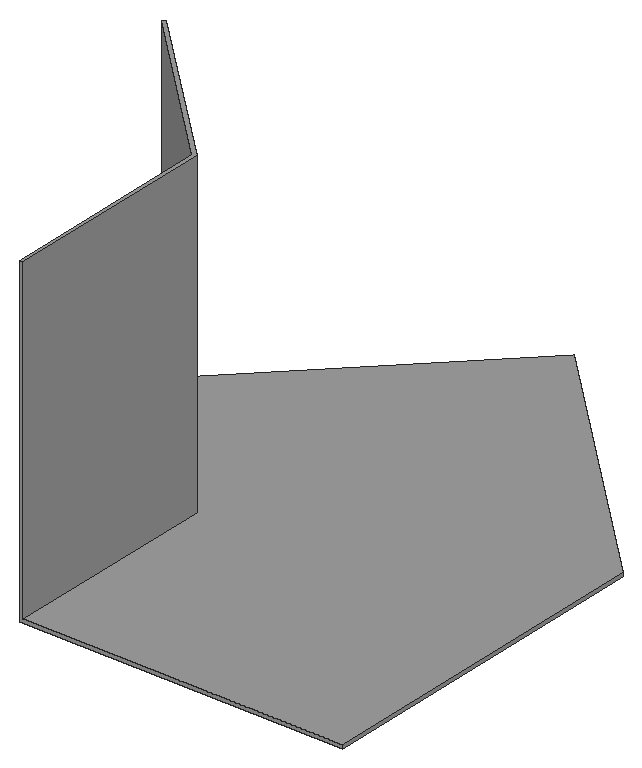
Revit family "Flashing_Preformed_Hyload_Outside135", category Generic Models, Revit 2016
Family settings
  Part Type = Normal
  Can host rebar = No
  Round Connector Dimension = Use Diameter
  OmniClass Number = 23.20.30.24.11
  OmniClass Title = Embedded Flashing
  Work Plane-Based = No
  Always vertical = Yes
  Cut with Voids When Loaded = No
  Shared = No
  Room Calculation Point = No
Parameters (values of type "As Specified")
  Unit Width = 0' - 10"
  Unit Height = 0' - 6"
  Unit Depth = 0' - 6"
  URL = "http://www.hyload.com/"
  Thickness = 0' - 0 1/16"
  Specification = "http://www.arcat.com/sdspecs/htm04/07_65_00hyl.htm"
  Sales Information = "http://www.hyload.com/contact-us"
  Revision = "R1_12-2015"
  Product Properties = "http://www.hyload.com/masonry-flashing/preformed-shapes/"
  Product Data = "http://www.arcat.com/arcatcos/cos33/arc33176.html"
  Model = "Outside Corner (135)"
  Manufacturer Website = "http://www.hyload.com/"
  Manufacturer Phone - Toll Free = "800-457-4056"
  Manufacturer Phone = "330-769-3546"
  Manufacturer Fax = "330-769-4153"
  Manufacturer Address = "5020 Panther Pkwy., Seville, OH 44273"
  Manufacturer = "Hyload"
  Keynote = "07 65 00"
  Flashing Material = Hyload Flashing Membrane - Grey
  Drawn By = "Robert S. Weygant / Sumex Design"
  Description = "Preformed Hyload Masonry Flashing - Outside Corner (135)"
  Copyright = "(c) ARCAT, Inc, 2015"
  Construction Details = "http://www.arcat.com/details/hyload/hyload.html?coid=33176"
  Assembly Code = "B3010400"
Reference planes (in)
  plane 1 "Center (Front/Back)": y = 0
  plane 2: z = 0
  plane 3 "Center (Left/Right)": x = 0
  plane 4: z = 6
  plane 5: y = -4
  plane 6: through (1.41421, 7.07107, 48) normal (0.7071, -0.7071, 0)
Forms (in)
  Sweep 1, solid, material "Hyload Flashing Membrane - Grey" <- "Flashing Material"
    path origin (0, 0, 0) x (1, 0, 0) y (0, 1, 0)
      loop
        line (0, -4) -> (0, 0) -> (-2.82843, 2.82843)
    profile origin (0, -2, 0) x (-1, 0, 0) y (0, 0, 1)
      loop
        line (0, 0) -> (0, 6) -> (-0.0625, 6) -> (-0.0625, 0.0625) -> (-6, 0.0625) -> (-6, 0) -> (0, 0)
Dimensions and locks (in)
  "Thickness": Sweep 1 sketch curve to plane 3 "Center (Left/Right)"
  "Thickness": Sweep 1 sketch curve to level
  "Unit Height": plane 4 to level
  locked: Sweep 1 sketch curve to plane 6 at 4
  locked: plane 5 to plane 6 (angle 45.00°)
  aligned and locked: plane 2 to level
  aligned and locked: plane 3 "Center (Left/Right)" to Sweep 1 sketch curve
  aligned and locked: Sweep 1 sketch curve to level
  aligned and locked: plane 4 to Sweep 1 sketch curve
  aligned and locked: plane 5 to Sweep 1 sketch curve
  aligned and locked: plane 6 to Sweep 1 sketch curve
Automatic sketch dimensions
  Sweep 1 sketch curve to profile plane = 0' - 0"
  Sweep 1 sketch curve to Sweep 1 sketch curve = 0' - 5 15/16"
  Sweep 1 sketch curve to plane 1 "Center (Front/Back)" = 0' - 2.82843"
